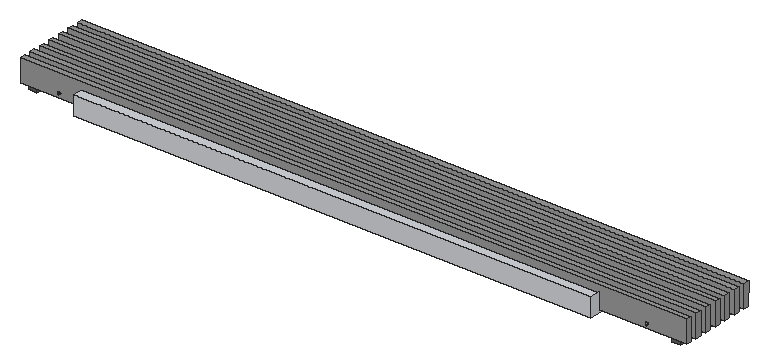
Revit family "1214-7, Veneer", category Generic Models, host Face, Revit 2020
Family settings
  Host = Face
  Can host rebar = No
  Round Connector Dimension = Use Diameter
  Part Type = Normal
  Cut with Voids When Loaded = No
  Shared = No
  Room Calculation Point = No
Parameters
  min_value [instance] = 1' - 11 1/4"  # constant formula
  max_value [instance] = 9' - 11 1/4"  # constant formula
  actual_value [instance] = if(NET LENGTH < min_value, min_value, if(NET LENGTH > max_value, max_value, NET LENGTH))  # 7' - 11 1/4"
  NET LENGTH [instance] = 7' - 11 1/4"
  IMPORTANT NOTE!!!                                                                             *Backer & dowel layout is for visualization purposes only, final layout to be determined by 9Wood. [instance] = ""
  Default Elevation = 4' - 0"
  DOWEL RADIUS [instance] = 0' - 0 1/4"  # constant formula
  BACKING M MATERIAL [instance] = BLACK-BACKERS
  .. MEMBER WIDTH [instance] = 0' - 0 3/4"  # constant formula
  .. MEMBER MATERIAL [instance] = WESTERN HEMLOCK
  .. MEMBER DEPTH [instance] = 0' - 3 1/4"  # constant formula
  .. MEMBER COUNT [instance] = 7  # constant formula
Reference planes (in)
  plane 1 "Center (Front/Back)": y = 0
  plane 2: z = 2.726
  plane 3 "Center (Left/Right)": x = 0
Forms (in)
  Extrusion 1, solid
    sketch origin (15, -0.86619, -0.99308) x (0, 1, 0) y (-1, 0, 0)
      loop
        line (3.42869, -23.66817) -> (3.42869, 50.25) -> (-10, 50.25) -> (-10, -23.66817) -> (3.42869, -23.66817)
    from 3.71908 to 1.00111
Dimensions and locks (in)
  aligned and locked: plane 2 to Extrusion 1
Nested families (in)
  nested 1: "1200 Series" at (-44, -2, 1.87867), NET LENGTH <- "actual_value", DOWEL RADII <- "DOWEL RADIUS", .. MEMBER WIDTH <- ".. MEMBER WIDTH", .. MEMBER DEPTH <- ".. MEMBER DEPTH", .. MEMBER MATERIAL <- ".. MEMBER MATERIAL", BACKING M MATERIAL <- "BACKING M MATERIAL", .. MEMBER COUNT <- ".. MEMBER COUNT", type "1200 Series"
    with X 7' - 4", WIDTH 1' - 0 1/16", Space 0' - 0 11/16", START 0' - 0 3/8", SCRIM MATERIAL SCRIM, SCRIM 3 8' - 1", SCRIM 2 0' - 0 7/8", SCRIM 1 0' - 0 3/32", SCRIM yes, NET LENGTH 7' - 11 1/4", N 8, INSET 3 0' - 0 3/16", INSET 0' - 1", INDEX 0' - 5 5/8", END BACKER yes, DOWEL RADII 0' - 0 1/4", DOWEL COUNT 8, BACKING M WIDTH 0' - 1 1/4", BACKING M MATERIAL BLACK-BACKERS, BACKING M LENGTH 0' - 11 7/8", BACKING M DEPTH 0' - 0 1/2", .. MEMBER WIDTH 0' - 0 3/4", .. MEMBER OC TYP 0' - 1.71429", .. MEMBER MATERIAL WESTERN HEMLOCK, .. MEMBER DEPTH 0' - 3 1/4", .. MEMBER COUNT 7
Definition of nested family "1200 Series"
  Parameters (values of type "1200 Series")
    X [instance] = NET LENGTH - (0' 3 5/8" * 2)  # 6' - 2"
    WIDTH [instance] = 1' - 0 1/16"
    Space [instance] = 0' - 0 11/16"  # constant formula
    START [instance] = .. MEMBER WIDTH / 2  # 0' - 0 3/8"
    SCRIM MATERIAL [instance] = none
    SCRIM 3 [instance] = NET LENGTH + (SCRIM 2 * 2)  # 6' - 11"
    SCRIM 2 [instance] = 0' - 0 7/8"
    SCRIM 1 [instance] = 0' - 0 3/32"
    SCRIM [instance] = yes
    NET LENGTH [instance] = 6' - 9 1/4"
    N [instance] = if((X - (rounddown(X / 1' 0") * 1' 0")) > 1' 0", rounddown(X / 1' 0") + 2, rounddown(X / 1' 0") + 1)  # 7
    INSET 3 [instance] = 0' - 0 3/16"
    INSET [instance] = 0' - 1"
    INDEX [instance] = (NET LENGTH - ((N - 1) * 1' 0")) / 2  # 0' - 4 5/8"
    END BACKER [instance] = yes
    Default Elevation = 0' - 0"
    DOWEL RADII [instance] = 0' - 0 1/4"
    DOWEL COUNT [instance] = N  # 7
    BACKING M WIDTH [instance] = 0' - 1 1/4"
    BACKING M MATERIAL [instance] = none
    BACKING M LENGTH [instance] = 0' - 11 7/8"
    BACKING M DEPTH [instance] = 0' - 0 1/2"
    .. MEMBER WIDTH [instance] = 0' - 0 3/4"
    .. MEMBER OC TYP [instance] = 1' 0" / .. MEMBER COUNT  # 0' - 3"
    .. MEMBER MATERIAL [instance] = none
    .. MEMBER DEPTH [instance] = 0' - 1 3/8"
    .. MEMBER COUNT [instance] = 4
  Reference planes (in)
    plane 1 "Center (Front/Back)": y = -7.5
    plane 2: z = 0
    plane 3 "Center (Left/Right)": x = 0
    plane 4: x = 1
    plane 5: x = 4.625
    plane 6: x = 81.25
    plane 7: x = 80.25
    plane 8: x = 16.625
    plane 9: y = -7.3125
    plane 10: y = -4.125
    plane 11: y = -7.125
    plane 12: y = 4.5625
    plane 13: y = -4.5
    plane 14: y = -7.59375
    plane 15: x = 82.125
    plane 16: y = 4.65625
    plane 17: x = -0.875
    plane 18: z = -1.375
    plane 19: z = -0.6875
  Lines and regions (in)
    model lines
      curve 1: line (4.375, -7.5, -0.6875) -> (4.875, -7.5, -0.6875)
    model lines, not visible
      curve 2: line (4.625, -7.5, -0.9375) -> (4.625, -7.5, -0.4375)
      curve 3: line (4.375, -7.5, -0.6875) -> (4.875, -7.5, -0.6875)
      curve 4: line (16.625, -7.5, -0.9375) -> (16.625, -7.5, -0.4375)
      curve 5: line (16.375, -7.5, -0.6875) -> (16.875, -7.5, -0.6875)
      curve 6: line (28.625, -7.5, -0.9375) -> (28.625, -7.5, -0.4375)
      curve 7: line (28.375, -7.5, -0.6875) -> (28.875, -7.5, -0.6875)
      curve 8: line (40.625, -7.5, -0.9375) -> (40.625, -7.5, -0.4375)
      curve 9: line (40.375, -7.5, -0.6875) -> (40.875, -7.5, -0.6875)
      curve 10: line (52.625, -7.5, -0.9375) -> (52.625, -7.5, -0.4375)
      curve 11: line (52.375, -7.5, -0.6875) -> (52.875, -7.5, -0.6875)
      curve 12: line (64.625, -7.5, -0.9375) -> (64.625, -7.5, -0.4375)
      curve 13: line (64.375, -7.5, -0.6875) -> (64.875, -7.5, -0.6875)
      curve 14: line (76.625, -7.5, -0.9375) -> (76.625, -7.5, -0.4375)
      curve 15: line (76.375, -7.5, -0.6875) -> (76.875, -7.5, -0.6875)
  Dimensions and locks (in)
    "NET LENGTH": plane 3 "Center (Left/Right)" to plane 6
    "INSET": plane 7 to plane 6
    "INDEX": plane 3 "Center (Left/Right)" to plane 5
    plane 5 to plane 8 = 1' - 0"
    "INSET 3": plane 1 "Center (Front/Back)" to plane 9
    equal spacing: group 1, group 2, group 3, group 4  (x3)
    "START": plane 11 to plane 1 "Center (Front/Back)"
    ".. MEMBER OC TYP": plane 10 to plane 11
    "WIDTH": plane 12 to plane 1 "Center (Front/Back)"
    "START": plane 10 to plane 13
    "SCRIM 1": plane 14 to plane 1 "Center (Front/Back)"
    "SCRIM 2": plane 6 to plane 15
    "SCRIM 1": plane 12 to plane 16
    "SCRIM 2": plane 17 to plane 3 "Center (Left/Right)"
    "INSET": plane 3 "Center (Left/Right)" to plane 4
    equal spacing: group 5, group 6, group 7, group 8, group 9, group 10, group 11  (x3)
    "Space": plane 19 to plane 18
    aligned and locked: level to plane 2
    aligned and locked: nested 1 to plane 4  (x2)
    aligned and locked: plane 7 to nested 2
    aligned and locked: plane 5 to nested 3
    aligned and locked: nested 1 to plane 9
    aligned and locked: plane 1 "Center (Front/Back)" to nested 4
    aligned and locked: plane 9 to nested 2
    aligned and locked: plane 13 to nested 5
    aligned and locked: nested 3 to plane 9
    aligned and locked: plane 18 to nested 1
    aligned and locked: plane 19 to nested 3
    aligned and locked: curve 1 to plane 19
    aligned and locked: plane 8 to curve 4
    aligned and locked: curve 5 to plane 19
    aligned and locked: nested 4 to plane 18
  Automatic sketch dimensions
    curve 1 to curve 1 = 0' - 0 1/2"
    curve 1 to plane 5 = 0' - 0 1/4"
    plane 5 to curve 1 = 0' - 0 1/4"
    curve 3 to curve 2 = 0' - 0 1/4"  (x2)
    curve 2 to curve 3 = 0' - 0 1/4"  (x2)
    curve 5 to curve 4 = 0' - 0 1/4"  (x2)
    curve 4 to curve 5 = 0' - 0 1/4"  (x2)
    curve 7 to curve 6 = 0' - 0 1/4"  (x2)
    curve 6 to curve 7 = 0' - 0 1/4"  (x2)
    curve 9 to curve 8 = 0' - 0 1/4"  (x2)
    curve 8 to curve 9 = 0' - 0 1/4"  (x2)
    curve 11 to curve 10 = 0' - 0 1/4"  (x2)
    curve 10 to curve 11 = 0' - 0 1/4"  (x2)
    curve 13 to curve 12 = 0' - 0 1/4"  (x2)
    curve 12 to curve 13 = 0' - 0 1/4"  (x2)
    curve 15 to curve 14 = 0' - 0 1/4"  (x2)
    curve 14 to curve 15 = 0' - 0 1/4"  (x2)
  Nested families (in)
    nested 1: "INSTANCE - 2ND -  EXTEND SIDE H CENTER W - Parametric Cube" at (1, -1.375, -1.375) x (0, -1, 0) z (0, 0, 1), Width <- "BACKING M LENGTH", Length <- "BACKING M WIDTH", Material <- "BACKING M MATERIAL", Height <- "BACKING M DEPTH", visible <- "END BACKER", type "INSTANCE - 2ND -  EXTEND SIDE H CENTER W - Parametric Cube"
      with Width 0' - 11 7/8", Material none, Length 0' - 1 1/4", Height 0' - 0 1/2"
    nested 2: "INSTANCE - 2ND -  EXTEND SIDE H CENTER W - Parametric Cube" at (80.25, -1.375, -1.375) x (0, -1, 0) z (0, 0, 1), Width <- "BACKING M LENGTH", Length <- "BACKING M WIDTH", Material <- "BACKING M MATERIAL", Height <- "BACKING M DEPTH", visible <- "END BACKER", type "INSTANCE - 2ND -  EXTEND SIDE H CENTER W - Parametric Cube"
      with Width 0' - 11 7/8", Material none, Length 0' - 1 1/4", Height 0' - 0 1/2"
    nested 3: "Family3" at (-5.375, -7.3125, -0.6875), DOWEL RADII <- "DOWEL RADII", BACKING MEM MATERIAL <- "BACKING M MATERIAL", type "Family3"
      with DOWEL RADII 0' - 0 1/4", DOWEL LENGTH 0' - 11 7/8", BACKING MEM MATERIAL none
    nested 4: "HOLED MEMBER" at (0, -18.75, 6.19404), DOWEL RADII <- "DOWEL RADII", .. MEMBER LENGTH <- "NET LENGTH", DOWEL COUNT <- "DOWEL COUNT", DEPTH <- ".. MEMBER DEPTH", .. MEMBER WIDTH <- ".. MEMBER WIDTH", Material <- ".. MEMBER MATERIAL", DOWEL INDEX <- "INDEX", Space 2 <- "Space", type "HOLED MEMBER"
      with Width 0' - 6", Space 2 0' - 0 11/16", Material none, Length 1' - 0", Height 0' - 10.43096", DOWEL RADII 0' - 0 1/4", DOWEL OC DIST 1' - 0", DOWEL INDEX 0' - 4 5/8", DOWEL COUNT 7, DEPTH 0' - 1 3/8", .. MEMBER WIDTH 0' - 0 3/4", .. MEMBER LENGTH 6' - 9 1/4"
    nested 5: "HOLED MEMBER" at (0, -15.75, 6.19404), DOWEL RADII <- "DOWEL RADII", .. MEMBER LENGTH <- "NET LENGTH", DOWEL COUNT <- "DOWEL COUNT", DEPTH <- ".. MEMBER DEPTH", .. MEMBER WIDTH <- ".. MEMBER WIDTH", Material <- ".. MEMBER MATERIAL", DOWEL INDEX <- "INDEX", Space 2 <- "Space", type "HOLED MEMBER"
      with Width 0' - 6", Space 2 0' - 0 11/16", Material none, Length 1' - 0", Height 0' - 10.43096", DOWEL RADII 0' - 0 1/4", DOWEL OC DIST 1' - 0", DOWEL INDEX 0' - 4 5/8", DOWEL COUNT 7, DEPTH 0' - 1 3/8", .. MEMBER WIDTH 0' - 0 3/4", .. MEMBER LENGTH 6' - 9 1/4"
    nested 6: "HOLED MEMBER" at (0, -12.75, 6.19404), DOWEL RADII <- "DOWEL RADII", .. MEMBER LENGTH <- "NET LENGTH", DOWEL COUNT <- "DOWEL COUNT", DEPTH <- ".. MEMBER DEPTH", .. MEMBER WIDTH <- ".. MEMBER WIDTH", Material <- ".. MEMBER MATERIAL", DOWEL INDEX <- "INDEX", Space 2 <- "Space", type "HOLED MEMBER"
      with Width 0' - 6", Space 2 0' - 0 11/16", Material none, Length 1' - 0", Height 0' - 10.43096", DOWEL RADII 0' - 0 1/4", DOWEL OC DIST 1' - 0", DOWEL INDEX 0' - 4 5/8", DOWEL COUNT 7, DEPTH 0' - 1 3/8", .. MEMBER WIDTH 0' - 0 3/4", .. MEMBER LENGTH 6' - 9 1/4"
    nested 7: "HOLED MEMBER" at (0, -9.75, 6.19404), DOWEL RADII <- "DOWEL RADII", .. MEMBER LENGTH <- "NET LENGTH", DOWEL COUNT <- "DOWEL COUNT", DEPTH <- ".. MEMBER DEPTH", .. MEMBER WIDTH <- ".. MEMBER WIDTH", Material <- ".. MEMBER MATERIAL", DOWEL INDEX <- "INDEX", Space 2 <- "Space", type "HOLED MEMBER"
      with Width 0' - 6", Space 2 0' - 0 11/16", Material none, Length 1' - 0", Height 0' - 10.43096", DOWEL RADII 0' - 0 1/4", DOWEL OC DIST 1' - 0", DOWEL INDEX 0' - 4 5/8", DOWEL COUNT 7, DEPTH 0' - 1 3/8", .. MEMBER WIDTH 0' - 0 3/4", .. MEMBER LENGTH 6' - 9 1/4"
    nested 8: "Family3" at (6.625, -7.3125, -0.6875), DOWEL RADII <- "DOWEL RADII", BACKING MEM MATERIAL <- "BACKING M MATERIAL", type "Family3"
      with DOWEL RADII 0' - 0 1/4", DOWEL LENGTH 0' - 11 7/8", BACKING MEM MATERIAL none
    nested 9: "Family3" at (18.625, -7.3125, -0.6875), DOWEL RADII <- "DOWEL RADII", BACKING MEM MATERIAL <- "BACKING M MATERIAL", type "Family3"
      with DOWEL RADII 0' - 0 1/4", DOWEL LENGTH 0' - 11 7/8", BACKING MEM MATERIAL none
    nested 10: "Family3" at (30.625, -7.3125, -0.6875), DOWEL RADII <- "DOWEL RADII", BACKING MEM MATERIAL <- "BACKING M MATERIAL", type "Family3"
      with DOWEL RADII 0' - 0 1/4", DOWEL LENGTH 0' - 11 7/8", BACKING MEM MATERIAL none
    nested 11: "Family3" at (42.625, -7.3125, -0.6875), DOWEL RADII <- "DOWEL RADII", BACKING MEM MATERIAL <- "BACKING M MATERIAL", type "Family3"
      with DOWEL RADII 0' - 0 1/4", DOWEL LENGTH 0' - 11 7/8", BACKING MEM MATERIAL none
    nested 12: "Family3" at (54.625, -7.3125, -0.6875), DOWEL RADII <- "DOWEL RADII", BACKING MEM MATERIAL <- "BACKING M MATERIAL", type "Family3"
      with DOWEL RADII 0' - 0 1/4", DOWEL LENGTH 0' - 11 7/8", BACKING MEM MATERIAL none
    nested 13: "Family3" at (66.625, -7.3125, -0.6875), DOWEL RADII <- "DOWEL RADII", BACKING MEM MATERIAL <- "BACKING M MATERIAL", type "Family3"
      with DOWEL RADII 0' - 0 1/4", DOWEL LENGTH 0' - 11 7/8", BACKING MEM MATERIAL none
  Definition of nested family "INSTANCE - 2ND -  EXTEND SIDE H CENTER W - Parametric Cube"
    Parameters (values of type "INSTANCE - 2ND -  EXTEND SIDE H CENTER W - Parametric Cube")
      Width [instance] = 0' - 6"
      Material [instance] = none
      Length [instance] = 1' - 0"
      Height [instance] = 1' - 6"
      Default Elevation = 0' - 0"
    Reference planes (in)
      plane 1 "Center (Front/Back)": y = 0
      plane 2: z = 0
      plane 3 "Center (Left/Right)": x = 0
      plane 4: x = -3
      plane 5: x = 3
      plane 6: y = 12
      plane 7: z = -18
    Forms (in)
      Extrusion 1, solid, material <- "Material"
        sketch origin (0, 6, 0) x (1, 0, 0) y (0, 1, 0)
          loop
            line (-3, 6) -> (-3, -6) -> (3, -6) -> (3, 6) -> (-3, 6)
        from -18 to 0
    Dimensions and locks (in)
      equal spacing: plane 4, plane 3 "Center (Left/Right)", plane 5
      "Width": plane 4 to plane 5
      "Height": plane 7 to level
      "Length": plane 1 "Center (Front/Back)" to plane 6
      aligned and locked: plane 2 to level
      aligned and locked: plane 4 to Extrusion 1 sketch curve
      aligned and locked: Extrusion 1 sketch curve to plane 5
      aligned and locked: Extrusion 1 to plane 7
      aligned and locked: plane 6 to Extrusion 1
    Automatic sketch dimensions
      plane 1 "Center (Front/Back)" to Extrusion 1 sketch curve = 0' - 0"
      plane 6 to Extrusion 1 sketch curve = 0' - 0"
  Definition of nested family "Family3"
    Parameters (values of type "Family3")
      Default Elevation = 0' - 0"
      DOWEL RADII [instance] = 0' - 0 5/8"
      DOWEL LENGTH [instance] = 0' - 5"
      BACKING MEM MATERIAL [instance] = none
    Reference planes (in)
      plane 1 "Center (Front/Back)": y = 0
      plane 2: z = 0
      plane 3 "Center (Left/Right)": x = 0
      plane 4: y = 5
    Forms (in)
      Extrusion 1, solid, material <- "BACKING MEM MATERIAL"
        sketch origin (10, 0, 0) x (1, 0, 0) y (0, 0, 1)
          loop
            circle (0, 0) r 0.625
        from 0 to -5
      Extrusion 2, solid, not visible
        sketch origin (0, 0, 0) x (1, 0, 0) y (0, 0, 1)
          loop
            circle (0, 0) r 0.625
        from 0 to 12
      Extrusion 3, solid, not visible
        sketch origin (10, 0, 0) x (1, 0, 0) y (0, 0, 1)
          loop
            circle (0, 0) r 0.625
        from 0 to 2.5
      Extrusion 4, solid, not visible
        sketch origin (10, 0, 0) x (1, 0, 0) y (0, 0, 1)
          loop
            circle (0, 0) r 0.625
        from 0 to -12
    Lines and regions (in)
      model lines, not visible
        curve 1: line (-13, 0, 0) -> (-13, -12, 0)
        curve 2: line (13, 0, 0) -> (13, -12, 0)
        curve 3: line (9.89453, 0, 0) -> (10.08794, 0, 0)
        curve 4: line (9.89453, -2.5, 0) -> (10.08794, -2.5, 0)
        curve 6: line (10, 0, 0) -> (10, 2, 0)
      model lines
        curve 5: line (10, 0, 0) -> (10, 2, 0)
    Dimensions and locks (in)
      "DOWEL LENGTH": plane 1 "Center (Front/Back)" to plane 4
      "DOWEL RADII": radius of Extrusion 1 sketch curve
      "DOWEL RADII": radius of Extrusion 2 sketch curve
      "DOWEL RADII": radius of Extrusion 3 sketch curve
      "DOWEL RADII": radius of Extrusion 4 sketch curve
      "DOWEL RADII": radius of Extrusion 1
      aligned and locked: plane 2 to level
      aligned and locked: Extrusion 1 to plane 1 "Center (Front/Back)"  (x3)
      aligned and locked: plane 1 "Center (Front/Back)" to Extrusion 1
      aligned and locked: plane 4 to Extrusion 1
    Automatic sketch dimensions
      plane 1 "Center (Front/Back)" to curve 5 = 0' - 0"
      curve 5 to plane 1 "Center (Front/Back)" = 0' - 2"
      plane 3 "Center (Left/Right)" to curve 5 = 0' - 10"
      Extrusion 1 sketch curve to level = 0' - 0"
      plane 3 "Center (Left/Right)" to Extrusion 1 sketch curve = 0' - 10"
  Definition of nested family "HOLED MEMBER"
    Parameters (values of type "HOLED MEMBER")
      Width [instance] = 0' - 6"
      Space 2 [instance] = 0' - 0 5/8"
      Space = 0' - 0 5/8"
      Material [instance] = none
      Length [instance] = 1' - 0"
      Height [instance] = 0' - 10.43096"
      Default Elevation = 0' - 0"
      DOWEL RADII [instance] = 0' - 0.34537"
      DOWEL OC DIST [instance] = 1' - 0"
      DOWEL INSET = 0' - 0 5/8"
      DOWEL INDEX [instance] = 0' - 5 5/8"
      DOWEL COUNT [instance] = 6
      DEPTH [instance] = 0' - 2"
      .. MEMBER WIDTH [instance] = 0' - 0 5/8"
      .. MEMBER LENGTH [instance] = 5' - 11 3/4"
    Reference planes (in)
      plane 1 "Center (Front/Back)": y = 12
      plane 2: z = -7.56904
      plane 3 "Center (Left/Right)": x = 0
      plane 4: x = 5.625
      plane 5: x = 17.625
      plane 6: y = 11.375
      plane 7: x = 71.75
      plane 8: z = -6.94404
      plane 9: z = -5.56904
    Forms (in)
      Extrusion 1, solid, material <- "Material"
        sketch origin (0, 12, -13.56904) x (1, 0, 0) y (0, 0, 1)
          loop
            line (0, 6) -> (71.75, 6) -> (71.75, 8) -> (0, 8) -> (0, 6)
        from 0.625 to 0
      Extrusion 2, void
        sketch origin (0, 12, -18.31904) x (1, 0, 0) y (0, 0, 1)
          loop
            circle (5.625, 11.375) r 0.34537
        from 0 to 12
      Extrusion 3, void, not visible
        sketch origin (0, 1.25, 0) x (1, 0, 0) y (0, 1, 0)
          loop
            circle (5.625, 11.375) r 0.34537
        from 0 to 12
      Extrusion 4, void, not visible
        sketch origin (0, 1.25, 0) x (1, 0, 0) y (0, 1, 0)
          loop
            circle (5.625, 11.375) r 0.34537
        from 0 to 12
      Extrusion 5, void, not visible
        sketch origin (12, 1.25, 0) x (1, 0, 0) y (0, 1, 0)
          loop
            circle (5.625, 11.375) r 0.34537
        from 0 to 12
      Extrusion 6, void, not visible
        sketch origin (0, 12, -16.31904) x (1, 0, 0) y (0, 0, 1)
          loop
            circle (5.625, 11.375) r 0.34537
        from 0 to 12
      Extrusion 7, void, not visible
        sketch origin (12, 12, -16.31904) x (1, 0, 0) y (0, 0, 1)
          loop
            circle (5.625, 11.375) r 0.34537
        from 0 to 12
      Extrusion 8, void, not visible
        sketch origin (0, 12, -18.31904) x (1, 0, 0) y (0, 0, 1)
          loop
            circle (5.625, 11.375) r 0.34537
        from 0 to 12
      Extrusion 9, void
        sketch origin (12, 12, -18.31904) x (1, 0, 0) y (0, 0, 1)
          loop
            circle (5.625, 11.375) r 0.34537
        from 0 to 12
      Extrusion 10, void, not visible
        sketch origin (24, 12, -16.31904) x (1, 0, 0) y (0, 0, 1)
          loop
            circle (5.625, 11.375) r 0.34537
        from 0 to 12
      Extrusion 11, void, not visible
        sketch origin (36, 12, -16.31904) x (1, 0, 0) y (0, 0, 1)
          loop
            circle (5.625, 11.375) r 0.34537
        from 0 to 12
      Extrusion 12, void, not visible
        sketch origin (48, 12, -16.31904) x (1, 0, 0) y (0, 0, 1)
          loop
            circle (5.625, 11.375) r 0.34537
        from 0 to 12
      Extrusion 13, void, not visible
        sketch origin (60, 12, -16.31904) x (1, 0, 0) y (0, 0, 1)
          loop
            circle (5.625, 11.375) r 0.34537
        from 0 to 12
      Extrusion 14, void, not visible
        sketch origin (24, 1.25, 0) x (1, 0, 0) y (0, 1, 0)
          loop
            circle (5.625, 11.375) r 0.34537
        from 0 to 12
      Extrusion 15, void, not visible
        sketch origin (36, 1.25, 0) x (1, 0, 0) y (0, 1, 0)
          loop
            circle (5.625, 11.375) r 0.34537
        from 0 to 12
      Extrusion 16, void, not visible
        sketch origin (48, 1.25, 0) x (1, 0, 0) y (0, 1, 0)
          loop
            circle (5.625, 11.375) r 0.34537
        from 0 to 12
      Extrusion 17, void, not visible
        sketch origin (60, 1.25, 0) x (1, 0, 0) y (0, 1, 0)
          loop
            circle (5.625, 11.375) r 0.34537
        from 0 to 12
      Extrusion 18, void
        sketch origin (24, 12, -18.31904) x (1, 0, 0) y (0, 0, 1)
          loop
            circle (5.625, 11.375) r 0.34537
        from 0 to 12
      Extrusion 19, void
        sketch origin (36, 12, -18.31904) x (1, 0, 0) y (0, 0, 1)
          loop
            circle (5.625, 11.375) r 0.34537
        from 0 to 12
      Extrusion 20, void
        sketch origin (48, 12, -18.31904) x (1, 0, 0) y (0, 0, 1)
          loop
            circle (5.625, 11.375) r 0.34537
        from 0 to 12
      Extrusion 21, void
        sketch origin (60, 12, -18.31904) x (1, 0, 0) y (0, 0, 1)
          loop
            circle (5.625, 11.375) r 0.34537
        from 0 to 12
    Cuts and joins
      Extrusion 2, Extrusion 9, Extrusion 18, Extrusion 19, Extrusion 20, Extrusion 21 cuts Extrusion 1
    Lines and regions (in)
      model lines, not visible
        curve 1: line (5.625, 11.72037, 0) -> (5.625, 11.02963, 0)
        curve 2: line (5.625, 11.72037, 0) -> (5.625, 11.02963, 0)
        curve 3: line (17.625, 11.72037, 0) -> (17.625, 11.02963, 0)
        curve 4: line (5.625, 12, -7.56904) -> (5.625, 11.87317, -7.56904)
        curve 5: line (5.625, 11.87317, -7.56904) -> (5.06195, 11.87317, -7.56904)
        curve 6: line (5.06195, 11.87317, -7.56904) -> (5.27963, 11.375, -7.56904)
        curve 7: line (0, 12, -6.19404) -> (0, 11.61951, -6.19404)
        curve 8: line (0, 11.375, -8.19404) -> (0, 11.6747, -8.19404)
        curve 9: line (5.625, 12, -7.56904) -> (5.625, 11.69863, -7.56904)
        curve 11: line (5.625, 12, 0) -> (5.625, 12, 0.30137)
        curve 12: line (5.625, 12, 0) -> (5.625, 12, 0.30137)
        curve 13: line (17.625, 12, 0) -> (17.625, 12, 0.30137)
        curve 14: line (5.625, 12, -5.56904) -> (5.625, 11.69863, -5.56904)
        curve 15: line (17.625, 12, -5.56904) -> (17.625, 11.69863, -5.56904)
        curve 16: line (5.625, 12, -7.56904) -> (5.625, 11.69863, -7.56904)
        curve 18: line (29.625, 12, -5.56904) -> (29.625, 11.69863, -5.56904)
        curve 19: line (41.625, 12, -5.56904) -> (41.625, 11.69863, -5.56904)
        curve 20: line (53.625, 12, -5.56904) -> (53.625, 11.69863, -5.56904)
        curve 21: line (65.625, 12, -5.56904) -> (65.625, 11.69863, -5.56904)
        curve 22: line (29.625, 11.72037, 0) -> (29.625, 11.02963, 0)
        curve 23: line (29.625, 12, 0) -> (29.625, 12, 0.30137)
        curve 24: line (41.625, 11.72037, 0) -> (41.625, 11.02963, 0)
        curve 25: line (41.625, 12, 0) -> (41.625, 12, 0.30137)
        curve 26: line (53.625, 11.72037, 0) -> (53.625, 11.02963, 0)
        curve 27: line (53.625, 12, 0) -> (53.625, 12, 0.30137)
        curve 28: line (65.625, 11.72037, 0) -> (65.625, 11.02963, 0)
        curve 29: line (65.625, 12, 0) -> (65.625, 12, 0.30137)
        curve 35: line (5.27963, 12.625, 0) -> (5.97037, 12.625, 0)
        curve 36: line (5.27963, 12.625, 0) -> (5.97037, 12.625, 0)
        curve 37: line (17.27963, 12.625, 0) -> (17.97037, 12.625, 0)
        curve 38: line (5.27963, 12, -4.94404) -> (5.97037, 12, -4.94404)
        curve 39: line (17.27963, 12, -4.94404) -> (17.97037, 12, -4.94404)
        curve 40: line (5.27963, 12, -6.94404) -> (5.97037, 12, -6.94404)
        curve 42: line (29.27963, 12, -4.94404) -> (29.97037, 12, -4.94404)
        curve 43: line (41.27963, 12, -4.94404) -> (41.97037, 12, -4.94404)
        curve 44: line (53.27963, 12, -4.94404) -> (53.97037, 12, -4.94404)
        curve 45: line (65.27963, 12, -4.94404) -> (65.97037, 12, -4.94404)
        curve 46: line (29.27963, 12.625, 0) -> (29.97037, 12.625, 0)
        curve 47: line (41.27963, 12.625, 0) -> (41.97037, 12.625, 0)
        curve 48: line (53.27963, 12.625, 0) -> (53.97037, 12.625, 0)
        curve 49: line (65.27963, 12.625, 0) -> (65.97037, 12.625, 0)
        curve 54: line (0, 12, -6.94404) -> (0, 4.22059, -6.94404)
        curve 55: line (0, 12.625, 0) -> (0, 12.625, 7.77941)
        curve 56: line (0, 12.625, 0) -> (0, 12.625, 7.77941)
        curve 57: line (12, 12.625, 0) -> (12, 12.625, 7.77941)
        curve 58: line (0, 12, -4.94404) -> (0, 4.22059, -4.94404)
        curve 59: line (12, 12, -4.94404) -> (12, 4.22059, -4.94404)
        curve 60: line (0, 12, -6.94404) -> (0, 4.22059, -6.94404)
        curve 61: line (12, 12, -6.94404) -> (12, 4.22059, -6.94404)
        curve 62: line (24, 12, -4.94404) -> (24, 4.22059, -4.94404)
        curve 63: line (36, 12, -4.94404) -> (36, 4.22059, -4.94404)
        curve 64: line (48, 12, -4.94404) -> (48, 4.22059, -4.94404)
        curve 65: line (60, 12, -4.94404) -> (60, 4.22059, -4.94404)
        curve 66: line (24, 12.625, 0) -> (24, 12.625, 7.77941)
        curve 67: line (36, 12.625, 0) -> (36, 12.625, 7.77941)
        curve 68: line (48, 12.625, 0) -> (48, 12.625, 7.77941)
        curve 69: line (60, 12.625, 0) -> (60, 12.625, 7.77941)
        curve 70: line (24, 12, -6.94404) -> (24, 4.22059, -6.94404)
        curve 71: line (36, 12, -6.94404) -> (36, 4.22059, -6.94404)
        curve 72: line (48, 12, -6.94404) -> (48, 4.22059, -6.94404)
        curve 73: line (60, 12, -6.94404) -> (60, 4.22059, -6.94404)
      model lines
        curve 10: line (5.625, 12, -7.56904) -> (5.625, 11.69863, -7.56904)
        curve 17: line (17.625, 12, -7.56904) -> (17.625, 11.69863, -7.56904)
        curve 30: line (29.625, 12, -7.56904) -> (29.625, 11.69863, -7.56904)
        curve 31: line (41.625, 12, -7.56904) -> (41.625, 11.69863, -7.56904)
        curve 32: line (53.625, 12, -7.56904) -> (53.625, 11.69863, -7.56904)
        curve 33: line (65.625, 12, -7.56904) -> (65.625, 11.69863, -7.56904)
        curve 34: line (5.27963, 12, -6.94404) -> (5.97037, 12, -6.94404)
        curve 41: line (17.27963, 12, -6.94404) -> (17.97037, 12, -6.94404)
        curve 50: line (29.27963, 12, -6.94404) -> (29.97037, 12, -6.94404)
        curve 51: line (41.27963, 12, -6.94404) -> (41.97037, 12, -6.94404)
        curve 52: line (53.27963, 12, -6.94404) -> (53.97037, 12, -6.94404)
        curve 53: line (65.27963, 12, -6.94404) -> (65.97037, 12, -6.94404)
    Dimensions and locks (in)
      "DOWEL INDEX": plane 3 "Center (Left/Right)" to plane 4
      "DOWEL OC DIST": plane 4 to plane 5
      ".. MEMBER LENGTH": plane 3 "Center (Left/Right)" to plane 7
      equal spacing: group 3, group 4, group 17, group 18, group 19, group 20  (x3)
      equal spacing: group 7, group 8, group 13, group 14, group 15, group 16  (x3)
      equal spacing: group 1, group 12, group 21, group 22, group 23, group 24  (x3)
      ".. MEMBER WIDTH": plane 6 to plane 1 "Center (Front/Back)"
      "DEPTH": plane 9 to level
      "Space 2": plane 8 to level
      "DOWEL RADII": radius of Extrusion 2 sketch curve
      "DOWEL RADII": radius of Extrusion 3 sketch curve
      "DOWEL RADII": radius of Extrusion 4 sketch curve
      "DOWEL RADII": radius of Extrusion 5 sketch curve
      "DOWEL RADII": radius of Extrusion 6 sketch curve
      "DOWEL RADII": radius of Extrusion 7 sketch curve
      "DOWEL RADII": radius of Extrusion 8 sketch curve
      "DOWEL RADII": radius of Extrusion 9 sketch curve
      "DOWEL RADII": radius of Extrusion 10 sketch curve
      "DOWEL RADII": radius of Extrusion 11 sketch curve
      "DOWEL RADII": radius of Extrusion 12 sketch curve
      "DOWEL RADII": radius of Extrusion 13 sketch curve
      "DOWEL RADII": radius of Extrusion 14 sketch curve
      "DOWEL RADII": radius of Extrusion 15 sketch curve
      "DOWEL RADII": radius of Extrusion 16 sketch curve
      "DOWEL RADII": radius of Extrusion 17 sketch curve
      "DOWEL RADII": radius of Extrusion 18 sketch curve
      "DOWEL RADII": radius of Extrusion 19 sketch curve
      "DOWEL RADII": radius of Extrusion 20 sketch curve
      "DOWEL RADII": radius of Extrusion 21 sketch curve
      aligned and locked: level to plane 2
      aligned and locked: Extrusion 1 to plane 3 "Center (Left/Right)"  (x2)
      aligned and locked: plane 7 to cut or joined group of Extrusion 1, Extrusion 2, Extrusion 9, Extrusion 18, Extrusion 19, Extrusion 20, Extrusion 21  (x2)
      aligned and locked: cut or joined group of Extrusion 1, Extrusion 2, Extrusion 9, Extrusion 18, Extrusion 19, Extrusion 20, Extrusion 21 to plane 1 "Center (Front/Back)"  (x2)
      aligned and locked: cut or joined group of Extrusion 1, Extrusion 2, Extrusion 9, Extrusion 18, Extrusion 19, Extrusion 20, Extrusion 21 to plane 6  (x2)
      aligned and locked: plane 4 to curve 10
      aligned and locked: plane 5 to curve 17
      aligned and locked: plane 9 to cut or joined group of Extrusion 1, Extrusion 2, Extrusion 9, Extrusion 18, Extrusion 19, Extrusion 20, Extrusion 21  (x2)
      aligned and locked: cut or joined group of Extrusion 1, Extrusion 2, Extrusion 9, Extrusion 18, Extrusion 19, Extrusion 20, Extrusion 21 to level
      aligned and locked: plane 8 to Extrusion 2
      aligned and locked: curve 34 to plane 8
      aligned and locked: curve 41 to plane 8
      aligned and locked: level to curve 10
      aligned and locked: curve 10 to level
      aligned and locked: plane 8 to cut or joined group of Extrusion 1, Extrusion 2, Extrusion 9, Extrusion 18, Extrusion 19, Extrusion 20, Extrusion 21
      aligned and locked: curve 54 to plane 8
    Automatic sketch dimensions
      curve 1 to curve 1 = 0' - 0.69074"
      curve 2 to curve 2 = 0' - 0.69074"
      curve 3 to curve 3 = 0' - 0.69074"
      Extrusion 1 sketch curve to plane 3 "Center (Left/Right)" = 0' - 0"
      Extrusion 1 sketch curve to plane 7 = 0' - 0"
      Extrusion 1 sketch curve to Extrusion 1 sketch curve = 0' - 2"
      level to Extrusion 1 sketch curve = 0' - 0"
      curve 9 to curve 9 = 0' - 0.30137"
      curve 10 to curve 10 = 0' - 0.30137"
      curve 11 to curve 11 = 0' - 0.30137"
      curve 12 to curve 12 = 0' - 0.30137"
      curve 13 to curve 13 = 0' - 0.30137"
      curve 14 to curve 14 = 0' - 0.30137"
      curve 15 to curve 15 = 0' - 0.30137"
      curve 16 to curve 16 = 0' - 0.30137"
      curve 17 to curve 17 = 0' - 0.30137"
      curve 18 to curve 18 = 0' - 0.30137"
      curve 19 to curve 19 = 0' - 0.30137"
      curve 20 to curve 20 = 0' - 0.30137"
      curve 21 to curve 21 = 0' - 0.30137"
      curve 22 to curve 22 = 0' - 0.69074"
      curve 23 to curve 23 = 0' - 0.30137"
      curve 24 to curve 24 = 0' - 0.69074"
      curve 25 to curve 25 = 0' - 0.30137"
      curve 26 to curve 26 = 0' - 0.69074"
      curve 27 to curve 27 = 0' - 0.30137"
      curve 28 to curve 28 = 0' - 0.69074"
      curve 29 to curve 29 = 0' - 0.30137"
      curve 30 to curve 30 = 0' - 0.30137"
      curve 31 to curve 31 = 0' - 0.30137"
      curve 32 to curve 32 = 0' - 0.30137"
      curve 33 to curve 33 = 0' - 0.30137"
      curve 34 to curve 34 = 0' - 0.69074"
      curve 35 to curve 35 = 0' - 0.69074"
      curve 36 to curve 36 = 0' - 0.69074"
      curve 37 to curve 37 = 0' - 0.69074"
      curve 38 to curve 38 = 0' - 0.69074"
      curve 39 to curve 39 = 0' - 0.69074"
      curve 40 to curve 40 = 0' - 0.69074"
      curve 41 to curve 41 = 0' - 0.69074"
      curve 42 to curve 42 = 0' - 0.69074"
      curve 43 to curve 43 = 0' - 0.69074"
      curve 44 to curve 44 = 0' - 0.69074"
      curve 45 to curve 45 = 0' - 0.69074"
      curve 46 to curve 46 = 0' - 0.69074"
      curve 47 to curve 47 = 0' - 0.69074"
      curve 48 to curve 48 = 0' - 0.69074"
      curve 49 to curve 49 = 0' - 0.69074"
      curve 50 to curve 50 = 0' - 0.69074"
      curve 51 to curve 51 = 0' - 0.69074"
      curve 52 to curve 52 = 0' - 0.69074"
      curve 53 to curve 53 = 0' - 0.69074"
      curve 54 to curve 54 = 0' - 7.77941"
      curve 55 to curve 55 = 0' - 7.77941"
      curve 56 to curve 56 = 0' - 7.77941"
      curve 57 to curve 57 = 0' - 7.77941"
      curve 58 to curve 58 = 0' - 7.77941"
      curve 59 to curve 59 = 0' - 7.77941"
      curve 60 to curve 60 = 0' - 7.77941"
      curve 61 to curve 61 = 0' - 7.77941"
      curve 62 to curve 62 = 0' - 7.77941"
      curve 63 to curve 63 = 0' - 7.77941"
      curve 64 to curve 64 = 0' - 7.77941"
      curve 65 to curve 65 = 0' - 7.77941"
      curve 66 to curve 66 = 0' - 7.77941"
      curve 67 to curve 67 = 0' - 7.77941"
      curve 68 to curve 68 = 0' - 7.77941"
      curve 69 to curve 69 = 0' - 7.77941"
      curve 70 to curve 70 = 0' - 7.77941"
      curve 71 to curve 71 = 0' - 7.77941"
      curve 72 to curve 72 = 0' - 7.77941"
      curve 73 to curve 73 = 0' - 7.77941"
